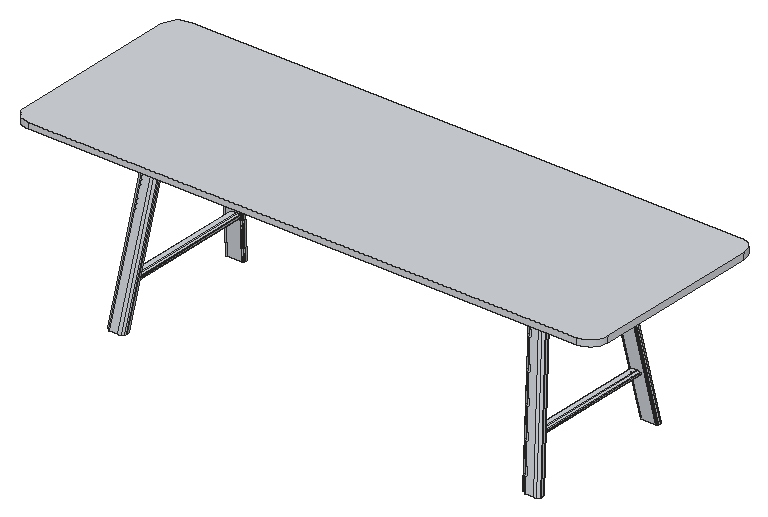
Revit family "Bernhardt_Design-Tables-Freestanding-Frame_36h-Blueprint", category Furniture, Revit 2016
Family settings
  OmniClass Number = 23.40.20.00
  OmniClass Title = General Furniture and Specialties
  Work Plane-Based = No
  Always vertical = Yes
  Cut with Voids When Loaded = No
  Shared = No
  Room Calculation Point = No
Parameters (values of type "BPS-BOB-AARR000")
  Wood = none
  URL = "http://www.bernhardtdesign.com"
  TotalWidth = 120"
  TotalDepth = 42"
  TableWidth = TotalWidth / 2  # 60"
  TableTopHeight = TotalHeight - 1 1/4"  # 34 3/4"
  TotalHeight = 36"
  TableTop = none
  TableDepth = TotalDepth / 2  # 21"
  Spacer_96in = no
  Spacer_72in = yes
  Spacer_120in = yes
  SKU = "BPS-BOB-AARR000"
  RailCapFront = RailCap + 2"  # 2"
  RailCap = 0"
  Model = "Blueprint"  # constant formula
  Manufacturer = "Bernhardt Design"  # constant formula
  Railing_bottom = -Railing_top  # -36 1/2"
  Railing_top = CapDistance - 2"  # 36 1/2"
  LegDistance = 20"
  LegHeight = TableTopHeight  # 34 3/4"
  Copyright © = "Copyright © Bernhardt Design"  # constant formula
  Catalog = SKU  # "BPS-BOB-AARR000"
  CapDistance = 38 1/2"
  Blueprint Gray = Blueprint Gray
  BlackPaint = Black Paint
  Authoring Version = "Autodesk Revit 2016"  # constant formula
Types (10): name | TotalWidth | TotalDepth | TableWidth | TableDepth | Spacer_96in | Spacer_72in | Spacer_120in | SKU | Railing_bottom | Railing_top | Catalog | CapDistance
  (no name) | 120" | 42" | 60" | 21" | no | yes | yes | "BPS-BOB-AARR000" | -36 1/2" | 36 1/2" | "BPS-BOB-AARR000" | 38 1/2"
  BPS-BGC-AARR000 | 72" | 48" | 36" | 24" | no | yes | no | "BPS-BGC-AARR000" | -24 1/2" | 24 1/2" | "BPS-BGC-AARR000" | 26 1/2"
  BPS-BGA-AARR000 | 72" | 36" | 36" | 18" | no | yes | no | "BPS-BGA-AARR000" | -24 1/2" | 24 1/2" | "BPS-BGA-AARR000" | 26 1/2"
  BPS-BKC-AARR000 | 96" | 48" | 48" | 24" | yes | no | no | "BPS-BKC-AARR000" | -36 1/2" | 36 1/2" | "BPS-BKC-AARR000" | 38 1/2"
  BPS-BOC-AARR000 | 120" | 48" | 60" | 24" | no | yes | yes | "BPS-BOC-AARR000" | -36 1/2" | 36 1/2" | "BPS-BOC-AARR000" | 38 1/2"
  BPS-BKA-AARR000 | 96" | 36" | 48" | 18" | yes | no | no | "BPS-BKA-AARR000" | -36 1/2" | 36 1/2" | "BPS-BKA-AARR000" | 38 1/2"
  BPS-BGB-AARR000 | 72" | 42" | 36" | 21" | no | yes | no | "BPS-BGB-AARR000" | -24 1/2" | 24 1/2" | "BPS-BGB-AARR000" | 26 1/2"
  BPS-BKB-AARR000 | 96" | 42" | 48" | 21" | yes | no | no | "BPS-BKB-AARR000" | -36 1/2" | 36 1/2" | "BPS-BKB-AARR000" | 38 1/2"
  BPS-BOA-AARR000 | 120" | 36" | 60" | 18" | no | yes | yes | "BPS-BOA-AARR000" | -36 1/2" | 36 1/2" | "BPS-BOA-AARR000" | 38 1/2"
  BPS-BOB-AARR000 | 120" | 42" | 60" | 21" | no | yes | yes | "BPS-BOB-AARR000" | -36 1/2" | 36 1/2" | "BPS-BOB-AARR000" | 38 1/2"
Reference planes (in)
  plane 1 "Center Front/Back": y = 0
  plane 2: z = 0
  plane 3 "Center Left/Right": x = 0
  plane 4 "railTop_plane": z = 33.8248
  plane 5 "TableTop_plane": z = 36
  plane 6 "tableBottom_plane": z = 34.75
  plane 7 "railBottom_plane": z = 31.79724
  plane 8 "Crossbar_top_plane": y = 12.06057
  plane 9 "Crossbar_bottom_plane": y = -12.16143
  plane 10 "width_left_plane": x = -60
  plane 11 "width_right_plane": x = 60
  plane 12 "depth_top_plane": y = 21
  plane 13 "depth_bottom_plane": y = -21
  plane 14 "RailEnd_right_plane": x = 38.5
  plane 15 "RailEnd_left_plane": x = -38.5
  plane 16 "EndCap_right_plane": x = 40.24932
  plane 17 "EndCap_left_plane": x = -40.24269
Forms (in)
  Extrusion 1, solid, material <- "TableTop"
    sketch origin (0, 0, 0) x (1, 0, 0) y (0, 1, 0)
      loop
        arc (-56.5, 21) -> (-58.97487, 19.97487) -> (-60, 17.5) r 3.5
        line (-60, 17.5) -> (-60, -17.5)
        arc (-60, -17.5) -> (-58.97487, -19.97487) -> (-56.5, -21) r 3.5
        line (-56.5, -21) -> (56.5, -21)
        arc (56.5, -21) -> (58.97487, -19.97487) -> (60, -17.5) r 3.5
        line (60, -17.5) -> (60, 17.5)
        arc (60, 17.5) -> (58.97487, 19.97487) -> (56.5, 21) r 3.5
        line (56.5, 21) -> (-56.5, 21)
    from 36 <- "TotalHeight" to 34.75 <- "TableTopHeight"
  Extrusion 2, solid, material "Blueprint Gray" <- "Blueprint Gray"
    sketch origin (0, -6.68362, 17.41142) x (0, -1, 0) y (0, 0, 1)
      loop
        arc (-0.89738, 16.41338) -> (-0.95224, 16.39066) -> (-0.97496, 16.3358) r 0.07758
        line (-0.97496, 16.3358) -> (-0.97496, 14.46243)
        arc (-0.97496, 14.46243) -> (-0.95253, 14.40826) -> (-0.89836, 14.38583) r 0.0766
        line (-0.89836, 14.38583) -> (0.74076, 14.38583)
        arc (0.74076, 14.38583) -> (0.79557, 14.40853) -> (0.81827, 14.46334) r 0.07751
        line (0.81827, 14.46334) -> (0.81827, 16.334)
        arc (0.81827, 16.334) -> (0.79502, 16.39013) -> (0.73889, 16.41338) r 0.07938
        line (0.73889, 16.41338) -> (-0.89738, 16.41338)
      loop
        arc (-14.10793, 16.41338) -> (-14.16279, 16.39066) -> (-14.18551, 16.3358) r 0.07758
        line (-14.18551, 16.3358) -> (-14.18551, 14.46243)
        arc (-14.18551, 14.46243) -> (-14.16307, 14.40826) -> (-14.10891, 14.38583) r 0.0766
        line (-14.10891, 14.38583) -> (-12.46979, 14.38583)
        arc (-12.46979, 14.38583) -> (-12.41498, 14.40853) -> (-12.39228, 14.46334) r 0.07751
        line (-12.39228, 14.46334) -> (-12.39228, 16.334)
        arc (-12.39228, 16.334) -> (-12.41553, 16.39013) -> (-12.47166, 16.41338) r 0.07938
        line (-12.47166, 16.41338) -> (-14.10793, 16.41338)
    from -36.5 <- "Railing_bottom" to 36.5 <- "Railing_top"
  Extrusion 3, solid, material "Blueprint Gray" <- "Blueprint Gray"
    sketch origin (38.5, 0, 0) x (0, 0, -1) y (0, -1, 0)
      loop
        line (-34.75, -7.53436) -> (-31.7432, -7.53436) -> (-31.7432, -5.65936) -> (-34.75, -5.65936) -> (-34.75, -7.53436)
      loop
        line (-34.75, 5.66998) -> (-31.7432, 5.66998) -> (-31.7432, 7.53436) -> (-34.75, 7.53436) -> (-34.75, 5.66998)
    from 0 <- "RailCap" to 2 <- "RailCapFront"
  Extrusion 4, solid, material "Blueprint Gray" <- "Blueprint Gray"
    sketch origin (-38.5, 0, 0) x (0, 0, 1) y (0, -1, 0)
      loop
        line (34.75, -7.53436) -> (34.75, -5.65936) -> (31.7432, -5.65936) -> (31.7432, -7.53436) -> (34.75, -7.53436)
      loop
        line (34.75, 5.66998) -> (34.75, 7.53436) -> (31.7432, 7.53436) -> (31.7432, 5.66998) -> (34.75, 5.66998)
    from 0 <- "RailCap" to 2 <- "RailCapFront"
  Extrusion 5, solid, material "Blueprint Gray" <- "Blueprint Gray", visible <- "Spacer_72in"
    sketch origin (26.85381, 0, 0) x (0, -1, 0) y (0, 0, 1)
      loop
        line (-7.50051, 34.75) -> (-7.50051, 33.8248) -> (-5.67329, 33.8248) -> (-5.67329, 34.75) -> (-7.50051, 34.75)
      loop
        line (5.66998, 34.75) -> (5.66998, 33.8248) -> (7.49719, 33.8248) -> (7.49719, 34.75) -> (5.66998, 34.75)
    from 12.39763 to 13.89763
  Extrusion 6, solid, material "Blueprint Gray" <- "Blueprint Gray", visible <- "Spacer_72in"
    sketch origin (-26.85091, 0, 0) x (0, -1, 0) y (0, 0, -1)
      loop
        line (-7.50051, -34.75) -> (-5.67329, -34.75) -> (-5.67329, -33.8248) -> (-7.50051, -33.8248) -> (-7.50051, -34.75)
      loop
        line (5.66998, -34.75) -> (7.49719, -34.75) -> (7.49719, -33.8248) -> (5.66998, -33.8248) -> (5.66998, -34.75)
    from 12.39763 to 13.89763
  Extrusion 7, solid, material <- "Wood"
    sketch origin (0, 0, 0) x (1, 0, 0) y (0, 0, 1)
      loop
        line (38.5, 34.75) -> (38.5, 30.22889) -> (40.24269, 30.22889) -> (39.7675, 34.75) -> (38.5, 34.75)
    from -9.99793 to 10.02657
  Extrusion 8, solid, material <- "Wood"
    sketch origin (0, 0, 0) x (1, 0, 0) y (0, 0, 1)
      loop
        line (-38.5, 34.75) -> (-39.74488, 34.75) -> (-40.22006, 30.22889) -> (-38.5, 30.22889) -> (-38.5, 34.75)
    from -9.99793 to 10.02657
  Extrusion 9, solid, material "Blueprint Gray" <- "Blueprint Gray", visible <- "Spacer_72in"
    sketch origin (13.14909, 0, 0) x (0, -1, 0) y (0, 0, 1)
      loop
        line (-7.50051, 34.75) -> (-7.50051, 33.8248) -> (-5.67329, 33.8248) -> (-5.67329, 34.75) -> (-7.50051, 34.75)
      loop
        line (5.66998, 34.75) -> (5.66998, 33.8248) -> (7.49719, 33.8248) -> (7.49719, 34.75) -> (5.66998, 34.75)
    from 12.39763 to 13.89763
  Extrusion 10, solid, material <- "Wood"
    sketch origin (0.0365, -12.16143, 0) x (1, 0, 0) y (0, 0, 1)
      loop
        line (41.69577, 10) -> (40.71417, 10)
        arc (40.71417, 10) -> (40.61805, 9.97957) -> (40.53855, 9.92181) r 0.23632
        line (40.53855, 9.92181) -> (40.26444, 9.60649)
        arc (40.26444, 9.60649) -> (40.229, 9.54977) -> (40.21282, 9.48488) r 0.21376
        line (40.21282, 9.48488) -> (40.21282, 9.40601)
        arc (40.21282, 9.40601) -> (40.21502, 9.36995) -> (40.22161, 9.33443) r 0.29589
        line (40.22161, 9.33443) -> (40.52287, 8.76783)
        arc (40.52287, 8.76783) -> (40.62397, 8.6613) -> (40.7655, 8.62205) r 0.27478
        line (40.7655, 8.62205) -> (41.64444, 8.62205)
        arc (41.64444, 8.62205) -> (41.78597, 8.6613) -> (41.88706, 8.76783) r 0.27478
        line (41.88706, 8.76783) -> (42.18833, 9.33443)
        arc (42.18833, 9.33443) -> (42.19492, 9.36995) -> (42.19712, 9.40601) r 0.29589
        line (42.19712, 9.40601) -> (42.19712, 9.48488)
        arc (42.19712, 9.48488) -> (42.18094, 9.54977) -> (42.1455, 9.60649) r 0.21376
        line (42.1455, 9.60649) -> (41.87139, 9.92181)
        arc (41.87139, 9.92181) -> (41.79189, 9.97957) -> (41.69577, 10) r 0.23632
    from 1.44676 to -25.91143
  Extrusion 11, solid, material <- "Wood"
    sketch origin (-34.43981, -12.16143, 0) x (1, 0, 0) y (0, 0, 1)
      loop
        line (-6.30423, 10) -> (-7.28583, 10)
        arc (-7.28583, 10) -> (-7.38195, 9.97957) -> (-7.46145, 9.92181) r 0.23632
        line (-7.46145, 9.92181) -> (-7.73556, 9.60649)
        arc (-7.73556, 9.60649) -> (-7.771, 9.54977) -> (-7.78718, 9.48488) r 0.21376
        line (-7.78718, 9.48488) -> (-7.78718, 9.40601)
        arc (-7.78718, 9.40601) -> (-7.78498, 9.36995) -> (-7.77839, 9.33443) r 0.29589
        line (-7.77839, 9.33443) -> (-7.47713, 8.76783)
        arc (-7.47713, 8.76783) -> (-7.37603, 8.6613) -> (-7.2345, 8.62205) r 0.27478
        line (-7.2345, 8.62205) -> (-6.35556, 8.62205)
        arc (-6.35556, 8.62205) -> (-6.21403, 8.6613) -> (-6.11294, 8.76783) r 0.27478
        line (-6.11294, 8.76783) -> (-5.81167, 9.33443)
        arc (-5.81167, 9.33443) -> (-5.80508, 9.36995) -> (-5.80288, 9.40601) r 0.29589
        line (-5.80288, 9.40601) -> (-5.80288, 9.48488)
        arc (-5.80288, 9.48488) -> (-5.81906, 9.54977) -> (-5.8545, 9.60649) r 0.21376
        line (-5.8545, 9.60649) -> (-6.12861, 9.92181)
        arc (-6.12861, 9.92181) -> (-6.20811, 9.97957) -> (-6.30423, 10) r 0.23632
    from 1.44676 to -25.91143
  Blend 12, solid, material <- "Wood"
    base sketch origin (13.28914, 0, 0) x (1, 0, 0) y (0, 1, 0)
      loop
        line (-55.09391, 16.22774) -> (-56.81381, 16.22774)
        arc (-56.81381, 16.22774) -> (-57.01359, 16.18345) -> (-57.17593, 16.05888) r 0.47272
        line (-57.17593, 16.05888) -> (-57.74066, 15.61766)
        arc (-57.74066, 15.61766) -> (-57.82421, 15.52156) -> (-57.86566, 15.40115) r 0.33368
        line (-57.86566, 15.40115) -> (-57.86566, 15.0427)
        arc (-57.86566, 15.0427) -> (-57.84906, 14.94854) -> (-57.80126, 14.86574) r 0.2753
        line (-57.80126, 14.86574) -> (-57.66658, 14.73106)
        arc (-57.66658, 14.73106) -> (-57.5863, 14.67992) -> (-57.49193, 14.6675) r 0.21989
        line (-57.49193, 14.6675) -> (-54.41579, 14.6675)
        arc (-54.41579, 14.6675) -> (-54.32142, 14.67992) -> (-54.24115, 14.73106) r 0.21989
        line (-54.24115, 14.73106) -> (-54.10647, 14.86574)
        arc (-54.10647, 14.86574) -> (-54.05866, 14.94854) -> (-54.04206, 15.0427) r 0.2753
        line (-54.04206, 15.0427) -> (-54.04206, 15.40115)
        arc (-54.04206, 15.40115) -> (-54.08352, 15.52156) -> (-54.16706, 15.61766) r 0.33368
        line (-54.16706, 15.61766) -> (-54.73179, 16.05888)
        arc (-54.73179, 16.05888) -> (-54.89413, 16.18345) -> (-55.09391, 16.22774) r 0.47272
    top sketch origin (13.28914, 0, 0) x (1, 0, 0) y (0, 1, 0)
      loop
        line (-51.56413, 10.23118) -> (-53.28402, 10.23118)
        arc (-53.28402, 10.23118) -> (-53.4838, 10.18689) -> (-53.64615, 10.06232) r 0.47272
        line (-53.64615, 10.06232) -> (-54.21088, 9.6211)
        arc (-54.21088, 9.6211) -> (-54.29442, 9.525) -> (-54.33588, 9.4046) r 0.33368
        line (-54.33588, 9.4046) -> (-54.33588, 9.04614)
        arc (-54.33588, 9.04614) -> (-54.31927, 8.95198) -> (-54.27147, 8.86918) r 0.2753
        line (-54.27147, 8.86918) -> (-54.13679, 8.73451)
        arc (-54.13679, 8.73451) -> (-54.05651, 8.68336) -> (-53.96214, 8.67094) r 0.21989
        line (-53.96214, 8.67094) -> (-50.886, 8.67094)
        arc (-50.886, 8.67094) -> (-50.79163, 8.68336) -> (-50.71136, 8.73451) r 0.21989
        line (-50.71136, 8.73451) -> (-50.57668, 8.86918)
        arc (-50.57668, 8.86918) -> (-50.52887, 8.95198) -> (-50.51227, 9.04614) r 0.2753
        line (-50.51227, 9.04614) -> (-50.51227, 9.4046)
        arc (-50.51227, 9.4046) -> (-50.55373, 9.525) -> (-50.63727, 9.6211) r 0.33368
        line (-50.63727, 9.6211) -> (-51.202, 10.06232)
        arc (-51.202, 10.06232) -> (-51.36435, 10.18689) -> (-51.56413, 10.23118) r 0.47272
    from 0 to 34.75 <- "LegHeight"
  Blend 13, solid, material <- "Wood"
    base sketch origin (-13.27452, 0, 0) x (-1, 0, 0) y (0, -1, 0)
      loop
        arc (-55.09391, -16.22774) -> (-54.89413, -16.18345) -> (-54.73179, -16.05888) r 0.47272
        line (-54.73179, -16.05888) -> (-54.16706, -15.61766)
        arc (-54.16706, -15.61766) -> (-54.08352, -15.52156) -> (-54.04206, -15.40115) r 0.33368
        line (-54.04206, -15.40115) -> (-54.04206, -15.0427)
        arc (-54.04206, -15.0427) -> (-54.05866, -14.94854) -> (-54.10647, -14.86574) r 0.2753
        line (-54.10647, -14.86574) -> (-54.24115, -14.73106)
        arc (-54.24115, -14.73106) -> (-54.32142, -14.67992) -> (-54.41579, -14.6675) r 0.21989
        line (-54.41579, -14.6675) -> (-57.49193, -14.6675)
        arc (-57.49193, -14.6675) -> (-57.5863, -14.67992) -> (-57.66658, -14.73106) r 0.21989
        line (-57.66658, -14.73106) -> (-57.80126, -14.86574)
        arc (-57.80126, -14.86574) -> (-57.84906, -14.94854) -> (-57.86566, -15.0427) r 0.2753
        line (-57.86566, -15.0427) -> (-57.86566, -15.40115)
        arc (-57.86566, -15.40115) -> (-57.82421, -15.52156) -> (-57.74066, -15.61766) r 0.33368
        line (-57.74066, -15.61766) -> (-57.17593, -16.05888)
        arc (-57.17593, -16.05888) -> (-57.01359, -16.18345) -> (-56.81381, -16.22774) r 0.47272
        line (-56.81381, -16.22774) -> (-55.09391, -16.22774)
    top sketch origin (-13.27452, 0, 0) x (-1, 0, 0) y (0, -1, 0)
      loop
        arc (-51.56413, -10.23118) -> (-51.36435, -10.18689) -> (-51.202, -10.06232) r 0.47272
        line (-51.202, -10.06232) -> (-50.63727, -9.6211)
        arc (-50.63727, -9.6211) -> (-50.55373, -9.525) -> (-50.51227, -9.4046) r 0.33368
        line (-50.51227, -9.4046) -> (-50.51227, -9.04614)
        arc (-50.51227, -9.04614) -> (-50.52887, -8.95198) -> (-50.57668, -8.86918) r 0.2753
        line (-50.57668, -8.86918) -> (-50.71136, -8.73451)
        arc (-50.71136, -8.73451) -> (-50.79163, -8.68336) -> (-50.886, -8.67094) r 0.21989
        line (-50.886, -8.67094) -> (-53.96214, -8.67094)
        arc (-53.96214, -8.67094) -> (-54.05651, -8.68336) -> (-54.13679, -8.73451) r 0.21989
        line (-54.13679, -8.73451) -> (-54.27147, -8.86918)
        arc (-54.27147, -8.86918) -> (-54.31927, -8.95198) -> (-54.33588, -9.04614) r 0.2753
        line (-54.33588, -9.04614) -> (-54.33588, -9.4046)
        arc (-54.33588, -9.4046) -> (-54.29442, -9.525) -> (-54.21088, -9.6211) r 0.33368
        line (-54.21088, -9.6211) -> (-53.64615, -10.06232)
        arc (-53.64615, -10.06232) -> (-53.4838, -10.18689) -> (-53.28402, -10.23118) r 0.47272
        line (-53.28402, -10.23118) -> (-51.56413, -10.23118)
    from 0 to 34.75 <- "LegHeight"
  Blend 14, solid, material <- "Wood"
    base sketch origin (13.28914, 0, 0) x (1, 0, 0) y (0, 1, 0)
      loop
        arc (-55.09391, -16.22774) -> (-54.89413, -16.18345) -> (-54.73179, -16.05888) r 0.47272
        line (-54.73179, -16.05888) -> (-54.16706, -15.61766)
        arc (-54.16706, -15.61766) -> (-54.08352, -15.52156) -> (-54.04206, -15.40115) r 0.33368
        line (-54.04206, -15.40115) -> (-54.04206, -15.0427)
        arc (-54.04206, -15.0427) -> (-54.05866, -14.94854) -> (-54.10647, -14.86574) r 0.2753
        line (-54.10647, -14.86574) -> (-54.24115, -14.73106)
        arc (-54.24115, -14.73106) -> (-54.32142, -14.67992) -> (-54.41579, -14.6675) r 0.21989
        line (-54.41579, -14.6675) -> (-57.49193, -14.6675)
        arc (-57.49193, -14.6675) -> (-57.5863, -14.67992) -> (-57.66658, -14.73106) r 0.21989
        line (-57.66658, -14.73106) -> (-57.80126, -14.86574)
        arc (-57.80126, -14.86574) -> (-57.84906, -14.94854) -> (-57.86566, -15.0427) r 0.2753
        line (-57.86566, -15.0427) -> (-57.86566, -15.40115)
        arc (-57.86566, -15.40115) -> (-57.82421, -15.52156) -> (-57.74066, -15.61766) r 0.33368
        line (-57.74066, -15.61766) -> (-57.17593, -16.05888)
        arc (-57.17593, -16.05888) -> (-57.01359, -16.18345) -> (-56.81381, -16.22774) r 0.47272
        line (-56.81381, -16.22774) -> (-55.09391, -16.22774)
    top sketch origin (13.28914, 0, 0) x (1, 0, 0) y (0, 1, 0)
      loop
        arc (-51.56413, -10.23118) -> (-51.36435, -10.18689) -> (-51.202, -10.06232) r 0.47272
        line (-51.202, -10.06232) -> (-50.63727, -9.6211)
        arc (-50.63727, -9.6211) -> (-50.55373, -9.525) -> (-50.51227, -9.4046) r 0.33368
        line (-50.51227, -9.4046) -> (-50.51227, -9.04614)
        arc (-50.51227, -9.04614) -> (-50.52887, -8.95198) -> (-50.57668, -8.86918) r 0.2753
        line (-50.57668, -8.86918) -> (-50.71136, -8.73451)
        arc (-50.71136, -8.73451) -> (-50.79163, -8.68336) -> (-50.886, -8.67094) r 0.21989
        line (-50.886, -8.67094) -> (-53.96214, -8.67094)
        arc (-53.96214, -8.67094) -> (-54.05651, -8.68336) -> (-54.13679, -8.73451) r 0.21989
        line (-54.13679, -8.73451) -> (-54.27147, -8.86918)
        arc (-54.27147, -8.86918) -> (-54.31927, -8.95198) -> (-54.33588, -9.04614) r 0.2753
        line (-54.33588, -9.04614) -> (-54.33588, -9.4046)
        arc (-54.33588, -9.4046) -> (-54.29442, -9.525) -> (-54.21088, -9.6211) r 0.33368
        line (-54.21088, -9.6211) -> (-53.64615, -10.06232)
        arc (-53.64615, -10.06232) -> (-53.4838, -10.18689) -> (-53.28402, -10.23118) r 0.47272
        line (-53.28402, -10.23118) -> (-51.56413, -10.23118)
    from 0 to 34.75 <- "LegHeight"
  Blend 15, solid, material <- "Wood"
    base sketch origin (-13.03914, 0, 0) x (-1, 0, 0) y (0, -1, 0)
      loop
        line (-55.09391, 16.22774) -> (-56.81381, 16.22774)
        arc (-56.81381, 16.22774) -> (-57.01359, 16.18345) -> (-57.17593, 16.05888) r 0.47272
        line (-57.17593, 16.05888) -> (-57.74066, 15.61766)
        arc (-57.74066, 15.61766) -> (-57.82421, 15.52156) -> (-57.86566, 15.40115) r 0.33368
        line (-57.86566, 15.40115) -> (-57.86566, 15.0427)
        arc (-57.86566, 15.0427) -> (-57.84906, 14.94854) -> (-57.80126, 14.86574) r 0.2753
        line (-57.80126, 14.86574) -> (-57.66658, 14.73106)
        arc (-57.66658, 14.73106) -> (-57.5863, 14.67992) -> (-57.49193, 14.6675) r 0.21989
        line (-57.49193, 14.6675) -> (-54.41579, 14.6675)
        arc (-54.41579, 14.6675) -> (-54.32142, 14.67992) -> (-54.24115, 14.73106) r 0.21989
        line (-54.24115, 14.73106) -> (-54.10647, 14.86574)
        arc (-54.10647, 14.86574) -> (-54.05866, 14.94854) -> (-54.04206, 15.0427) r 0.2753
        line (-54.04206, 15.0427) -> (-54.04206, 15.40115)
        arc (-54.04206, 15.40115) -> (-54.08352, 15.52156) -> (-54.16706, 15.61766) r 0.33368
        line (-54.16706, 15.61766) -> (-54.73179, 16.05888)
        arc (-54.73179, 16.05888) -> (-54.89413, 16.18345) -> (-55.09391, 16.22774) r 0.47272
    top sketch origin (-13.03914, 0, 0) x (-1, 0, 0) y (0, -1, 0)
      loop
        line (-51.56413, 10.23118) -> (-53.28402, 10.23118)
        arc (-53.28402, 10.23118) -> (-53.4838, 10.18689) -> (-53.64615, 10.06232) r 0.47272
        line (-53.64615, 10.06232) -> (-54.21088, 9.6211)
        arc (-54.21088, 9.6211) -> (-54.29442, 9.525) -> (-54.33588, 9.4046) r 0.33368
        line (-54.33588, 9.4046) -> (-54.33588, 9.04614)
        arc (-54.33588, 9.04614) -> (-54.31927, 8.95198) -> (-54.27147, 8.86918) r 0.2753
        line (-54.27147, 8.86918) -> (-54.13679, 8.73451)
        arc (-54.13679, 8.73451) -> (-54.05651, 8.68336) -> (-53.96214, 8.67094) r 0.21989
        line (-53.96214, 8.67094) -> (-50.886, 8.67094)
        arc (-50.886, 8.67094) -> (-50.79163, 8.68336) -> (-50.71136, 8.73451) r 0.21989
        line (-50.71136, 8.73451) -> (-50.57668, 8.86918)
        arc (-50.57668, 8.86918) -> (-50.52887, 8.95198) -> (-50.51227, 9.04614) r 0.2753
        line (-50.51227, 9.04614) -> (-50.51227, 9.4046)
        arc (-50.51227, 9.4046) -> (-50.55373, 9.525) -> (-50.63727, 9.6211) r 0.33368
        line (-50.63727, 9.6211) -> (-51.202, 10.06232)
        arc (-51.202, 10.06232) -> (-51.36435, 10.18689) -> (-51.56413, 10.23118) r 0.47272
    from 0 to 34.75 <- "LegHeight"
  Extrusion 16, solid, material "Blueprint Gray" <- "Blueprint Gray", visible <- "Spacer_96in"
    sketch origin (-31.18161, 0, 0) x (0, -1, 0) y (0, 0, -1)
      loop
        line (-7.50051, -34.75) -> (-5.67329, -34.75) -> (-5.67329, -33.8248) -> (-7.50051, -33.8248) -> (-7.50051, -34.75)
      loop
        line (5.66998, -34.75) -> (7.49719, -34.75) -> (7.49719, -33.8248) -> (5.66998, -33.8248) -> (5.66998, -34.75)
    from 12.39763 to 13.89763
  Extrusion 17, solid, material "Blueprint Gray" <- "Blueprint Gray", visible <- "Spacer_96in"
    sketch origin (-13.14616, 0, 0) x (0, -1, 0) y (0, 0, -1)
      loop
        line (-7.50051, -34.75) -> (-5.67329, -34.75) -> (-5.67329, -33.8248) -> (-7.50051, -33.8248) -> (-7.50051, -34.75)
      loop
        line (5.66998, -34.75) -> (7.49719, -34.75) -> (7.49719, -33.8248) -> (5.66998, -33.8248) -> (5.66998, -34.75)
    from 12.39763 to 13.89763
  Extrusion 18, solid, material "Blueprint Gray" <- "Blueprint Gray", visible <- "Spacer_96in"
    sketch origin (31.18451, 0, 0) x (0, -1, 0) y (0, 0, 1)
      loop
        line (-7.50051, 34.75) -> (-7.50051, 33.8248) -> (-5.67329, 33.8248) -> (-5.67329, 34.75) -> (-7.50051, 34.75)
      loop
        line (5.66998, 34.75) -> (5.66998, 33.8248) -> (7.49719, 33.8248) -> (7.49719, 34.75) -> (5.66998, 34.75)
    from 12.39763 to 13.89763
  Extrusion 19, solid, material "Blueprint Gray" <- "Blueprint Gray", visible <- "Spacer_120in"
    sketch origin (-40.5556, 0, 0) x (0, -1, 0) y (0, 0, -1)
      loop
        line (-7.50051, -34.75) -> (-5.67329, -34.75) -> (-5.67329, -33.8248) -> (-7.50051, -33.8248) -> (-7.50051, -34.75)
      loop
        line (5.66998, -34.75) -> (7.49719, -34.75) -> (7.49719, -33.8248) -> (5.66998, -33.8248) -> (5.66998, -34.75)
    from 12.39763 to 13.89763
  Extrusion 20, solid, material "Blueprint Gray" <- "Blueprint Gray", visible <- "Spacer_120in"
    sketch origin (14.26329, 0, 0) x (0, -1, 0) y (0, 0, -1)
      loop
        line (-7.50051, -34.75) -> (-5.67329, -34.75) -> (-5.67329, -33.8248) -> (-7.50051, -33.8248) -> (-7.50051, -34.75)
      loop
        line (5.66998, -34.75) -> (7.49719, -34.75) -> (7.49719, -33.8248) -> (5.66998, -33.8248) -> (5.66998, -34.75)
    from 12.39763 to 13.89763
Dimensions and locks (in)
  "TotalHeight": plane 5 "TableTop_plane" to level
  "TableDepth": plane 1 "Center Front/Back" to plane 12 "depth_top_plane"
  "TableDepth": plane 13 "depth_bottom_plane" to plane 1 "Center Front/Back"
  "TableWidth": plane 10 "width_left_plane" to plane 3 "Center Left/Right"
  "TableWidth": plane 3 "Center Left/Right" to plane 11 "width_right_plane"
  locked: plane 16 "EndCap_right_plane" to Extrusion 7 at 1.74932
  locked: plane 17 "EndCap_left_plane" to plane 15 "RailEnd_left_plane" at 1.74269
  locked: plane 14 "RailEnd_right_plane" to plane 16 "EndCap_right_plane" at 1.74932
  plane 17 "EndCap_left_plane" to Extrusion 8 = 1.74269"
  "CapDistance": plane 15 "RailEnd_left_plane" to plane 3 "Center Left/Right"
  "CapDistance": plane 3 "Center Left/Right" to plane 14 "RailEnd_right_plane"
  plane 9 "Crossbar_bottom_plane" to Extrusion 10 = 25.91143"
  locked: plane 5 "TableTop_plane" to plane 7 "railBottom_plane" at 4.20276
  locked: plane 4 "railTop_plane" to plane 7 "railBottom_plane" at 2.02756
  locked: plane 6 "tableBottom_plane" to plane 4 "railTop_plane" at 0.9252
  locked: Blend 12 to Blend 12 at 3.8236
  locked: Blend 13 to Blend 13 at 3.8236
  locked: Blend 14 to Blend 14 at 3.8236
  locked: Blend 15 to Blend 15 at 3.8236
  radius of Extrusion 1 sketch curve = 3 1/2"
  aligned and locked: level to plane 2
  aligned and locked: Extrusion 1 to plane 12 "depth_top_plane"
  aligned and locked: plane 11 "width_right_plane" to Extrusion 1
  aligned and locked: Extrusion 1 to plane 10 "width_left_plane"
  aligned and locked: plane 13 "depth_bottom_plane" to Extrusion 1
  aligned and locked: plane 15 "RailEnd_left_plane" to Extrusion 8
Automatic sketch dimensions
  Extrusion 1 sketch curve to plane 10 "width_left_plane" = 0"
  plane 13 "depth_bottom_plane" to Extrusion 1 sketch curve = 0"
  plane 12 "depth_top_plane" to Extrusion 1 sketch curve = 0"
  Extrusion 1 sketch curve to plane 11 "width_right_plane" = 0"
  plane 10 "width_left_plane" to Extrusion 1 sketch curve = 3 1/2"  (x2)
  Extrusion 1 sketch curve to Extrusion 1 sketch curve = 3 1/2"
  plane 7 "railBottom_plane" to Extrusion 2 sketch curve = 0"  (x2)
  plane 4 "railTop_plane" to Extrusion 2 sketch curve = 0"  (x2)
  Extrusion 2 sketch curve to plane 7 "railBottom_plane" = 0.0766"
  Extrusion 2 sketch curve to plane 8 "Crossbar_top_plane" = 4.55867"
  Extrusion 2 sketch curve to Extrusion 2 sketch curve = 0.07758"
  Extrusion 2 sketch curve to Extrusion 2 sketch curve = 1.63627"  (x2)
  Extrusion 2 sketch curve to plane 7 "railBottom_plane" = 0.07751"  (x2)
  Extrusion 2 sketch curve to Extrusion 2 sketch curve = 1.63912"  (x2)
  plane 4 "railTop_plane" to Extrusion 2 sketch curve = 0.07758"
  plane 1 "Center Front/Back" to Extrusion 2 sketch curve = 5.70865"
  Extrusion 2 sketch curve to Extrusion 2 sketch curve = 0.0766"
  Extrusion 3 sketch curve to plane 6 "tableBottom_plane" = 0"  (x2)
  plane 7 "railBottom_plane" to Extrusion 3 sketch curve = 0.05404"  (x2)
  Extrusion 3 sketch curve to plane 8 "Crossbar_top_plane" = 4.52621"
  Extrusion 3 sketch curve to Extrusion 3 sketch curve = 1 7/8"
  plane 1 "Center Front/Back" to Extrusion 3 sketch curve = 5.66998"
  Extrusion 3 sketch curve to Extrusion 3 sketch curve = 1.86438"
  Extrusion 4 sketch curve to plane 6 "tableBottom_plane" = 0"  (x2)
  plane 7 "railBottom_plane" to Extrusion 4 sketch curve = 0.05404"  (x2)
  Extrusion 4 sketch curve to plane 8 "Crossbar_top_plane" = 4.52621"
  Extrusion 4 sketch curve to Extrusion 4 sketch curve = 1 7/8"
  plane 1 "Center Front/Back" to Extrusion 4 sketch curve = 5.66998"
  Extrusion 4 sketch curve to Extrusion 4 sketch curve = 1.86438"
  plane 4 "railTop_plane" to Extrusion 5 sketch curve = 0"  (x2)
  Extrusion 5 sketch curve to plane 6 "tableBottom_plane" = 0"  (x2)
  Extrusion 5 sketch curve to plane 8 "Crossbar_top_plane" = 4.56006"
  Extrusion 5 sketch curve to Extrusion 5 sketch curve = 1.82721"  (x2)
  plane 1 "Center Front/Back" to Extrusion 5 sketch curve = 5.66998"
  plane 4 "railTop_plane" to Extrusion 6 sketch curve = 0"  (x2)
  Extrusion 6 sketch curve to plane 6 "tableBottom_plane" = 0"  (x2)
  Extrusion 6 sketch curve to plane 8 "Crossbar_top_plane" = 4.56006"
  Extrusion 6 sketch curve to Extrusion 6 sketch curve = 1.82721"  (x2)
  plane 1 "Center Front/Back" to Extrusion 6 sketch curve = 5.66998"
  plane 14 "RailEnd_right_plane" to Extrusion 7 sketch curve = 0"
  Extrusion 7 sketch curve to plane 6 "tableBottom_plane" = 0"
  plane 16 "EndCap_right_plane" to Extrusion 7 sketch curve = 0.48182"
  plane 16 "EndCap_right_plane" to Extrusion 7 sketch curve = 0.00663"
  plane 7 "railBottom_plane" to Extrusion 7 sketch curve = 1.56835"
  Extrusion 8 sketch curve to plane 6 "tableBottom_plane" = 0"
  Extrusion 8 sketch curve to plane 15 "RailEnd_left_plane" = 0"
  plane 17 "EndCap_left_plane" to Extrusion 8 sketch curve = 0.49781"
  plane 17 "EndCap_left_plane" to Extrusion 8 sketch curve = 0.02263"
  plane 7 "railBottom_plane" to Extrusion 8 sketch curve = 1.56835"
  plane 4 "railTop_plane" to Extrusion 9 sketch curve = 0"  (x2)
  Extrusion 9 sketch curve to plane 6 "tableBottom_plane" = 0"  (x2)
  Extrusion 9 sketch curve to plane 8 "Crossbar_top_plane" = 4.56006"
  Extrusion 9 sketch curve to Extrusion 9 sketch curve = 1.82721"  (x2)
  plane 1 "Center Front/Back" to Extrusion 9 sketch curve = 5.66998"
  plane 16 "EndCap_right_plane" to Extrusion 10 sketch curve = 0"
  Extrusion 10 sketch curve to plane 16 "EndCap_right_plane" = 0.00879"
  Extrusion 10 sketch curve to plane 16 "EndCap_right_plane" = 0.05162"
  Extrusion 10 sketch curve to plane 16 "EndCap_right_plane" = 0.21295"
  Extrusion 10 sketch curve to Extrusion 10 sketch curve = 0.08294"  (x2)
  Extrusion 10 sketch curve to plane 16 "EndCap_right_plane" = 0.31006"
  Extrusion 10 sketch curve to plane 16 "EndCap_right_plane" = 0.32573"
  Extrusion 10 sketch curve to Extrusion 10 sketch curve = 0.17562"  (x2)
  Extrusion 10 sketch curve to Extrusion 10 sketch curve = 0.24262"  (x2)
  Extrusion 10 sketch curve to Extrusion 10 sketch curve = 0.87895"
  Extrusion 10 sketch curve to Extrusion 10 sketch curve = 0.9816"
  Extrusion 10 sketch curve to Extrusion 10 sketch curve = 0.20546"
  Extrusion 10 sketch curve to Extrusion 10 sketch curve = 0.16133"
  Extrusion 10 sketch curve to Extrusion 10 sketch curve = 0.20416"
  Extrusion 10 sketch curve to Extrusion 10 sketch curve = 0.05162"
  level to Extrusion 10 sketch curve = 8.62205"
  Extrusion 10 sketch curve to Extrusion 10 sketch curve = 0.14578"  (x2)
  Extrusion 10 sketch curve to Extrusion 10 sketch curve = 0.5666"  (x2)
  Extrusion 10 sketch curve to Extrusion 10 sketch curve = 0.06023"  (x2)
  Extrusion 10 sketch curve to Extrusion 10 sketch curve = 0.07886"  (x2)
  Extrusion 10 sketch curve to Extrusion 10 sketch curve = 0.35767"  (x2)
  Extrusion 10 sketch curve to Extrusion 10 sketch curve = 0.15813"
  Extrusion 11 sketch curve to plane 17 "EndCap_left_plane" = 0"
  Extrusion 11 sketch curve to plane 17 "EndCap_left_plane" = 0.00879"
  Extrusion 11 sketch curve to plane 17 "EndCap_left_plane" = 0.05162"
  Extrusion 11 sketch curve to plane 17 "EndCap_left_plane" = 0.21295"
  Extrusion 11 sketch curve to Extrusion 11 sketch curve = 0.08294"  (x2)
  Extrusion 11 sketch curve to plane 17 "EndCap_left_plane" = 0.31006"
  Extrusion 11 sketch curve to plane 17 "EndCap_left_plane" = 0.32573"
  Extrusion 11 sketch curve to Extrusion 11 sketch curve = 0.17562"  (x2)
  Extrusion 11 sketch curve to Extrusion 11 sketch curve = 0.24262"  (x2)
  Extrusion 11 sketch curve to Extrusion 11 sketch curve = 0.87895"
  Extrusion 11 sketch curve to Extrusion 11 sketch curve = 0.05133"
  Extrusion 11 sketch curve to Extrusion 11 sketch curve = 0.20546"
  Extrusion 11 sketch curve to Extrusion 11 sketch curve = 0.16133"
  Extrusion 11 sketch curve to Extrusion 11 sketch curve = 0.20416"
  Extrusion 11 sketch curve to Extrusion 11 sketch curve = 0.00879"
  level to Extrusion 11 sketch curve = 8.62205"
  Extrusion 11 sketch curve to Extrusion 11 sketch curve = 0.14578"  (x2)
  Extrusion 11 sketch curve to Extrusion 11 sketch curve = 0.5666"  (x2)
  Extrusion 11 sketch curve to Extrusion 11 sketch curve = 0.06023"  (x2)
  Extrusion 11 sketch curve to Extrusion 11 sketch curve = 0.07886"  (x2)
  Extrusion 11 sketch curve to Extrusion 11 sketch curve = 0.35767"  (x2)
  Extrusion 11 sketch curve to Extrusion 11 sketch curve = 0.15813"
  Blend 12 sketch curve to plane 17 "EndCap_left_plane" = 4.33383"
  plane 8 "Crossbar_top_plane" to Blend 12 sketch curve = 2.80517"
  Blend 12 sketch curve to Blend 12 sketch curve = 0.06441"  (x2)
  plane 8 "Crossbar_top_plane" to Blend 12 sketch curve = 3.55709"
  Blend 12 sketch curve to Blend 12 sketch curve = 1/8"  (x4)
  Blend 12 sketch curve to Blend 12 sketch curve = 0.13468"  (x8)
  Blend 12 sketch curve to Blend 12 sketch curve = 0.2753"  (x2)
  Blend 12 sketch curve to Blend 12 sketch curve = 0.05514"  (x2)
  Blend 12 sketch curve to Blend 12 sketch curve = 0.07927"  (x4)
  Blend 12 sketch curve to Blend 12 sketch curve = 0.17465"  (x4)
  Blend 12 sketch curve to Blend 12 sketch curve = 0.56473"
  Blend 12 sketch curve to Blend 12 sketch curve = 0.36212"  (x3)
  Blend 12 sketch curve to plane 17 "EndCap_left_plane" = 1.56208"
  Blend 12 sketch curve to plane 17 "EndCap_left_plane" = 0.88396"
  Blend 12 sketch curve to Blend 12 sketch curve = 0.01916"  (x2)
  Blend 12 sketch curve to Blend 12 sketch curve = 0.02413"  (x2)
  Blend 12 sketch curve to Blend 12 sketch curve = 0.20544"  (x2)
  plane 8 "Crossbar_top_plane" to Blend 12 sketch curve = 2.6705"
  Blend 12 sketch curve to Blend 12 sketch curve = 0.06357"  (x3)
  Blend 12 sketch curve to Blend 12 sketch curve = 0.31202"  (x4)
  Blend 12 sketch curve to Blend 12 sketch curve = 0.04644"  (x3)
  Blend 12 sketch curve to Blend 12 sketch curve = 0.4003"  (x4)
  Blend 12 sketch curve to Blend 12 sketch curve = 0.30386"  (x2)
  Blend 12 sketch curve to plane 17 "EndCap_left_plane" = 0.80404"
  Blend 12 sketch curve to plane 17 "EndCap_left_plane" = 0.11431"
  plane 17 "EndCap_left_plane" to Blend 12 sketch curve = 0.24781"
  plane 15 "RailEnd_left_plane" to Blend 12 sketch curve = 0.22502"
  plane 15 "RailEnd_left_plane" to Blend 12 sketch curve = 0.90314"
  Blend 12 sketch curve to plane 8 "Crossbar_top_plane" = 3.38963"
  Blend 13 sketch curve to plane 16 "EndCap_right_plane" = 4.34183"
  plane 8 "Crossbar_top_plane" to Blend 13 sketch curve = 2.80517"
  Blend 13 sketch curve to Blend 13 sketch curve = 0.06441"  (x2)
  plane 8 "Crossbar_top_plane" to Blend 13 sketch curve = 3.55709"
  Blend 13 sketch curve to Blend 13 sketch curve = 1/8"  (x4)
  Blend 13 sketch curve to Blend 13 sketch curve = 0.13468"  (x7)
  Blend 13 sketch curve to Blend 13 sketch curve = 0.21089"
  Blend 13 sketch curve to Blend 13 sketch curve = 0.05514"  (x2)
  Blend 13 sketch curve to Blend 13 sketch curve = 0.07927"  (x4)
  Blend 13 sketch curve to Blend 13 sketch curve = 0.17465"  (x4)
  Blend 13 sketch curve to Blend 13 sketch curve = 0.56473"
  Blend 13 sketch curve to Blend 13 sketch curve = 0.36212"  (x3)
  Blend 13 sketch curve to plane 16 "EndCap_right_plane" = 1.57008"
  Blend 13 sketch curve to plane 16 "EndCap_right_plane" = 0.89195"
  Blend 13 sketch curve to Blend 13 sketch curve = 0.01916"  (x2)
  Blend 13 sketch curve to Blend 13 sketch curve = 0.02413"  (x2)
  Blend 13 sketch curve to Blend 13 sketch curve = 0.20544"  (x2)
  Blend 13 sketch curve to Blend 13 sketch curve = 0.13736"
  Blend 13 sketch curve to Blend 13 sketch curve = 0"
  Blend 13 sketch curve to Blend 13 sketch curve = 0.30386"  (x2)
  Blend 13 sketch curve to Blend 13 sketch curve = 0.44122"
  Blend 13 sketch curve to Blend 13 sketch curve = 0.21651"  (x2)
  Blend 13 sketch curve to Blend 13 sketch curve = 0.35846"
  Blend 13 sketch curve to Blend 13 sketch curve = 0.15615"  (x2)
  plane 16 "EndCap_right_plane" to Blend 13 sketch curve = 0.81204"
  Blend 13 sketch curve to Blend 13 sketch curve = 0.2753"
  plane 16 "EndCap_right_plane" to Blend 13 sketch curve = 0.12231"
  Blend 13 sketch curve to plane 16 "EndCap_right_plane" = 0.23981"
  Blend 13 sketch curve to plane 14 "RailEnd_right_plane" = 0.21039"
  Blend 13 sketch curve to plane 14 "RailEnd_right_plane" = 0.88852"
  plane 8 "Crossbar_top_plane" to Blend 13 sketch curve = 3.38963"
  Blend 13 sketch curve to Blend 13 sketch curve = 0.06357"  (x2)
  Blend 13 sketch curve to Blend 13 sketch curve = 0.31202"  (x2)
  Blend 13 sketch curve to Blend 13 sketch curve = 0.04644"  (x2)
  Blend 13 sketch curve to Blend 13 sketch curve = 0.4003"  (x2)
  Blend 14 sketch curve to plane 17 "EndCap_left_plane" = 4.33383"
  plane 9 "Crossbar_bottom_plane" to Blend 14 sketch curve = 2.70432"
  Blend 14 sketch curve to Blend 14 sketch curve = 0.06441"  (x2)
  plane 9 "Crossbar_bottom_plane" to Blend 14 sketch curve = 3.45623"
  Blend 14 sketch curve to Blend 14 sketch curve = 1/8"  (x4)
  Blend 14 sketch curve to Blend 14 sketch curve = 0.13468"  (x7)
  Blend 14 sketch curve to Blend 14 sketch curve = 0.21089"
  Blend 14 sketch curve to Blend 14 sketch curve = 0.05514"  (x2)
  Blend 14 sketch curve to Blend 14 sketch curve = 0.07927"  (x4)
  Blend 14 sketch curve to Blend 14 sketch curve = 0.17465"  (x4)
  Blend 14 sketch curve to Blend 14 sketch curve = 0.56473"
  Blend 14 sketch curve to Blend 14 sketch curve = 0.36212"  (x3)
  Blend 14 sketch curve to plane 17 "EndCap_left_plane" = 1.56208"
  Blend 14 sketch curve to plane 17 "EndCap_left_plane" = 0.88396"
  Blend 14 sketch curve to Blend 14 sketch curve = 0.01916"  (x2)
  Blend 14 sketch curve to Blend 14 sketch curve = 0.02413"  (x2)
  Blend 14 sketch curve to Blend 14 sketch curve = 0.20544"  (x2)
  Blend 14 sketch curve to Blend 14 sketch curve = 0.13736"
  Blend 14 sketch curve to Blend 14 sketch curve = 0"
  Blend 14 sketch curve to Blend 14 sketch curve = 0.30386"  (x2)
  Blend 14 sketch curve to Blend 14 sketch curve = 0.44122"
  Blend 14 sketch curve to Blend 14 sketch curve = 0.21651"  (x2)
  Blend 14 sketch curve to Blend 14 sketch curve = 0.35846"
  Blend 14 sketch curve to Blend 14 sketch curve = 0.15615"  (x2)
  plane 17 "EndCap_left_plane" to Blend 14 sketch curve = 0.80404"
  Blend 14 sketch curve to Blend 14 sketch curve = 0.2753"
  plane 17 "EndCap_left_plane" to Blend 14 sketch curve = 0.11431"
  Blend 14 sketch curve to plane 17 "EndCap_left_plane" = 0.24781"
  Blend 14 sketch curve to plane 15 "RailEnd_left_plane" = 0.22502"
  Blend 14 sketch curve to plane 15 "RailEnd_left_plane" = 0.90314"
  plane 9 "Crossbar_bottom_plane" to Blend 14 sketch curve = 3.49049"
  Blend 14 sketch curve to Blend 14 sketch curve = 0.06357"  (x2)
  Blend 14 sketch curve to Blend 14 sketch curve = 0.31202"  (x2)
  Blend 14 sketch curve to Blend 14 sketch curve = 0.04644"  (x2)
  Blend 14 sketch curve to Blend 14 sketch curve = 0.4003"  (x2)
  plane 9 "Crossbar_bottom_plane" to Blend 15 sketch curve = 2.88127"
  Blend 15 sketch curve to plane 16 "EndCap_right_plane" = 4.5772"
  plane 9 "Crossbar_bottom_plane" to Blend 15 sketch curve = 2.70432"
  Blend 15 sketch curve to Blend 15 sketch curve = 0.06441"  (x2)
  plane 9 "Crossbar_bottom_plane" to Blend 15 sketch curve = 3.45623"
  Blend 15 sketch curve to Blend 15 sketch curve = 1/8"  (x4)
  Blend 15 sketch curve to Blend 15 sketch curve = 0.13468"  (x8)
  Blend 15 sketch curve to Blend 15 sketch curve = 0.05514"  (x2)
  Blend 15 sketch curve to Blend 15 sketch curve = 0.07927"  (x4)
  Blend 15 sketch curve to Blend 15 sketch curve = 0.17465"  (x4)
  Blend 15 sketch curve to Blend 15 sketch curve = 0.56473"
  Blend 15 sketch curve to Blend 15 sketch curve = 0.36212"  (x2)
  Blend 15 sketch curve to Blend 15 sketch curve = 1.7199"
  Blend 15 sketch curve to plane 16 "EndCap_right_plane" = 1.12733"
  Blend 15 sketch curve to Blend 15 sketch curve = 0.01916"  (x2)
  Blend 15 sketch curve to Blend 15 sketch curve = 0.02413"  (x2)
  Blend 15 sketch curve to Blend 15 sketch curve = 0.20544"  (x2)
  plane 9 "Crossbar_bottom_plane" to Blend 15 sketch curve = 2.56964"
  Blend 15 sketch curve to Blend 15 sketch curve = 0.06357"  (x3)
  Blend 15 sketch curve to Blend 15 sketch curve = 0.31202"  (x4)
  Blend 15 sketch curve to Blend 15 sketch curve = 0.04644"  (x3)
  Blend 15 sketch curve to Blend 15 sketch curve = 0.4003"  (x4)
  Blend 15 sketch curve to Blend 15 sketch curve = 0.30386"  (x2)
  Blend 15 sketch curve to plane 16 "EndCap_right_plane" = 1.04741"
  Blend 15 sketch curve to Blend 15 sketch curve = 0.2753"
  Blend 15 sketch curve to plane 16 "EndCap_right_plane" = 0.35768"
  plane 16 "EndCap_right_plane" to Blend 15 sketch curve = 0.00444"
  Blend 15 sketch curve to plane 14 "RailEnd_right_plane" = 0.02498"
  plane 14 "RailEnd_right_plane" to Blend 15 sketch curve = 0.33714"
  plane 14 "RailEnd_right_plane" to Blend 15 sketch curve = 0.65314"
  Blend 15 sketch curve to plane 9 "Crossbar_bottom_plane" = 3.49049"
  plane 4 "railTop_plane" to Extrusion 16 sketch curve = 0"  (x2)
  Extrusion 16 sketch curve to plane 6 "tableBottom_plane" = 0"  (x2)
  Extrusion 16 sketch curve to plane 8 "Crossbar_top_plane" = 4.56006"
  Extrusion 16 sketch curve to Extrusion 16 sketch curve = 1.82721"  (x2)
  plane 1 "Center Front/Back" to Extrusion 16 sketch curve = 5.66998"
  plane 4 "railTop_plane" to Extrusion 17 sketch curve = 0"  (x2)
  Extrusion 17 sketch curve to plane 6 "tableBottom_plane" = 0"  (x2)
  Extrusion 17 sketch curve to plane 8 "Crossbar_top_plane" = 4.56006"
  Extrusion 17 sketch curve to Extrusion 17 sketch curve = 1.82721"  (x2)
  plane 1 "Center Front/Back" to Extrusion 17 sketch curve = 5.66998"
  plane 4 "railTop_plane" to Extrusion 18 sketch curve = 0"  (x2)
  Extrusion 18 sketch curve to plane 6 "tableBottom_plane" = 0"  (x2)
  Extrusion 18 sketch curve to plane 8 "Crossbar_top_plane" = 4.56006"
  Extrusion 18 sketch curve to Extrusion 18 sketch curve = 1.82721"  (x2)
  plane 1 "Center Front/Back" to Extrusion 18 sketch curve = 5.66998"
  plane 4 "railTop_plane" to Extrusion 19 sketch curve = 0"  (x2)
  Extrusion 19 sketch curve to plane 6 "tableBottom_plane" = 0"  (x2)
  Extrusion 19 sketch curve to plane 8 "Crossbar_top_plane" = 4.56006"
  Extrusion 19 sketch curve to Extrusion 19 sketch curve = 1.82721"  (x2)
  plane 1 "Center Front/Back" to Extrusion 19 sketch curve = 5.66998"
  plane 4 "railTop_plane" to Extrusion 20 sketch curve = 0"  (x2)
  Extrusion 20 sketch curve to plane 6 "tableBottom_plane" = 0"  (x2)
  Extrusion 20 sketch curve to plane 8 "Crossbar_top_plane" = 4.56006"
  Extrusion 20 sketch curve to Extrusion 20 sketch curve = 1.82721"  (x2)
  plane 1 "Center Front/Back" to Extrusion 20 sketch curve = 5.66998"
